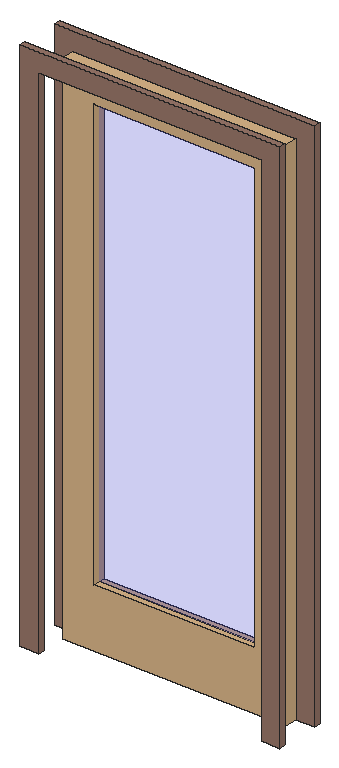
Revit family "0052_M_DR_W_single-fixed-glass 1", category 문, Revit 2026
Family settings
  호스트 = 벽
  항상 수직 = 예
  로드될 때 보이드를 사용하여 절단 = 아니오
  공유 = 아니오
  룸 계산 점 = 아니오
Parameters (values of type "36" x 84"")
  두께 = 0' - 2"
  조합 코드 = "C1020"
  기능 = 내부
  Door Material = Door - Panel
  Frame Material = Door - Frame
  Height = 7' - 0"
  Rail Width - Base = 0' - 9 1/2"
  Rail Width - Top = 0' - 5"
  Stile Width - Hinge = 0' - 5"
  Stile Width - Latch = 0' - 5"
  Trim Projection Ext = 0' - 1"
  Trim Projection Int = 0' - 1"
  Trim Width = 0' - 3"
  벽 마무리 = 호스트별
  Width = 3' - 0"
Types (8): name | 두께 | 조합 코드 | Height | Rail Width - Base | Rail Width - Top | Stile Width - Hinge | Stile Width - Latch | Trim Projection Ext | Trim Projection Int | Trim Width | Width
  36" x 84" | 0' - 2" | "C1020" | 7' - 0" | 0' - 9 1/2" | 0' - 5" | 0' - 5" | 0' - 5" | 0' - 1" | 0' - 1" | 0' - 3" | 3' - 0"
  34" x 84" | 0' - 2" | "C1020" | 7' - 0" | 0' - 9 1/2" | 0' - 5" | 0' - 5" | 0' - 5" | 0' - 1" | 0' - 1" | 0' - 3" | 2' - 10"
  32" x 84" | 0' - 2" | "C1020" | 7' - 0" | 0' - 9 1/2" | 0' - 5" | 0' - 5" | 0' - 5" | 0' - 1" | 0' - 1" | 0' - 3" | 2' - 8"
  30" x 84" | 0' - 2" | "C1020" | 7' - 0" | 0' - 9 1/2" | 0' - 5" | 0' - 5" | 0' - 5" | 0' - 1" | 0' - 1" | 0' - 3" | 2' - 6"
  30" x 80" | 0' - 2" | "C1020" | 6' - 8" | 0' - 9 1/2" | 0' - 5" | 0' - 5" | 0' - 5" | 0' - 1" | 0' - 1" | 0' - 3" | 2' - 6"
  36" x 80" | 0' - 2" | "C1020" | 6' - 8" | 0' - 9 1/2" | 0' - 5" | 0' - 5" | 0' - 5" | 0' - 1" | 0' - 1" | 0' - 3" | 3' - 0"
  34" x 80" | 0' - 2" | "C1020" | 6' - 8" | 0' - 9 1/2" | 0' - 5" | 0' - 5" | 0' - 5" | 0' - 1" | 0' - 1" | 0' - 3" | 2' - 10"
  0915 x 2134mm | 0' - 1.9685" | 0' - 0" | 7' - 0.01575" | 0' - 9.44882" | 0' - 4.92126" | 0' - 4.92126" | 0' - 4.92126" | 0' - 0.98425" | 0' - 0.98425" | 0' - 2.95276" | 3' - 0.02362"
Reference planes (in)
  plane 1: y = 0
  plane 2: z = 0
  plane 3: x = 0
  plane 4: x = -18
  plane 5: x = 18
  plane 6: z = 84
  plane 7: y = 2.125
Forms (in)
  Extrusion 1, solid, material "Door - Panel" <- "Door Material"
    sketch origin (0, 0, 0) x (1, 0, 0) y (0, 0, 1)
      loop
        line (-18, 84) -> (-18, 0) -> (18, 0) -> (18, 84) -> (-18, 84)
      loop
        line (13, 79) -> (-13, 79) -> (-13, 9.5) -> (13, 9.5) -> (13, 79)
    from -3 to -1
  Extrusion 2, solid, material "Glass"
    sketch origin (0, 0, 0) x (1, 0, 0) y (0, 0, 1)
      loop
        line (13, 79) -> (-13, 79) -> (-13, 9.5) -> (13, 9.5) -> (13, 79)
    from -1.875 to -2.125
  Extrusion 3, solid, material "Door - Frame" <- "Frame Material"
    sketch origin (-84.47493, 3, 0) x (-1, 0, 0) y (0, 0, 1)
      loop
        line (-102.47493, 0) -> (-102.47493, 84) -> (-66.47493, 84) -> (-66.47493, 0) -> (-63.47493, 0) -> (-63.47493, 87) -> (-105.47493, 87) -> (-105.47493, 0) -> (-102.47493, 0)
    from 0 to 1
  Extrusion 4, solid, material "Door - Frame" <- "Frame Material"
    sketch origin (-84.47493, -3, 0) x (1, 0, 0) y (0, 0, 1)
      loop
        line (102.47493, 0) -> (105.47493, 0) -> (105.47493, 87) -> (63.47493, 87) -> (63.47493, 0) -> (66.47493, 0) -> (66.47493, 84) -> (102.47493, 84) -> (102.47493, 0)
    from 0 to 1
Lines and regions (in)
  Opening 1
    outline origin (-60, -3, 144) x (0, 0, -1) y (1, 0, 0)
      loop
        line (60, 42) -> (144, 42) -> (144, 78) -> (60, 78) -> (60, 42)
  symbolic lines, style "DoorsGlassProjection"
    curve 1: line (13, 0, 79) -> (13, 0, 9.5)
    curve 2: line (13, 0, 79) -> (-13, 0, 79)
    curve 3: line (-13, 0, 79) -> (-13, 0, 9.5)
    curve 4: line (13, 0, 9.5) -> (-13, 0, 9.5)
    curve 13: line (13, 2, 0) -> (-13, 2, 0)
  symbolic lines, style "DoorsPanelProjection"
    curve 5: line (-18, 3, 0) -> (-13, 3, 0)
    curve 6: line (-18, 1, 0) -> (-18, 3, 0)
    curve 7: line (-13, 1, 0) -> (-18, 1, 0)
    curve 8: line (-13, 3, 0) -> (-13, 1, 0)
    curve 9: line (18, 3, 0) -> (13, 3, 0)
    curve 10: line (18, 1, 0) -> (18, 3, 0)
    curve 11: line (13, 1, 0) -> (18, 1, 0)
    curve 12: line (13, 3, 0) -> (13, 1, 0)
Dimensions and locks (in)
  equal spacing: plane 4, plane 3, plane 5
  "Width": plane 4 to plane 5
  control icon elem to host wall = 1' - 6"
  control icon elem to plane 5 = 1' - 0"
  "Height": plane 6 to plane 2
  "Stile Width - Latch": plane 4 to curve 3
  "Stile Width - Hinge": curve 1 to plane 5
  "Rail Width - Top": plane 6 to curve 2
  "Rail Width - Base": curve 4 to plane 2
  "Trim Width": Extrusion 3 sketch curve to Extrusion 1  (x3)
  "Trim Width": plane 4 to Extrusion 4 sketch curve
  "Trim Width": plane 5 to Extrusion 4 sketch curve
  "Trim Width": plane 6 to Extrusion 4 sketch curve
  "Trim Projection Int": Extrusion 4 to Extrusion 4
  locked: host wall to Extrusion 3
  locked: host wall to Extrusion 1
  "두께": Extrusion 1 to host wall
  "Trim Projection Ext": Extrusion 3 to host wall
  locked: host wall to plane 7 at 0.875
  locked: Extrusion 2 to Extrusion 2 at 0.25
  aligned and locked: curve 2 to Extrusion 1 sketch curve
  aligned and locked: curve 1 to Extrusion 1 sketch curve
  aligned and locked: Extrusion 1 sketch curve to curve 2
  aligned and locked: Extrusion 1 sketch curve to curve 1
  aligned and locked: curve 2 to Extrusion 2 sketch curve
  aligned and locked: curve 1 to Extrusion 2 sketch curve
  aligned and locked: Extrusion 2 sketch curve to curve 2
  aligned and locked: Extrusion 2 sketch curve to curve 1
  aligned and locked: host wall to Extrusion 1  (x3)
  aligned and locked: plane 6 to Extrusion 3 sketch curve
  aligned and locked: Extrusion 3 sketch curve to plane 2
  aligned and locked: plane 2 to Extrusion 3 sketch curve
  aligned and locked: plane 5 to Extrusion 3 sketch curve
  aligned and locked: Extrusion 3 to host wall  (x3)
  aligned and locked: plane 6 to Extrusion 4 sketch curve
  aligned and locked: plane 2 to Extrusion 4 sketch curve  (x2)
  aligned and locked: level to Extrusion 4 sketch curve
  aligned and locked: Extrusion 4 to host wall
  aligned and locked: Extrusion 3 sketch curve to Extrusion 1
  aligned and locked: Extrusion 4 sketch curve to Extrusion 1
  aligned and locked: Extrusion 1 to Extrusion 4 sketch curve
  aligned and locked: Extrusion 2 to plane 7
  aligned and locked: host wall to curve 5
  aligned and locked: curve 5 to Extrusion 1
  aligned and locked: curve 8 to Extrusion 1  (x2)
  aligned and locked: curve 9 to host wall
  aligned and locked: curve 9 to Extrusion 1
  aligned and locked: curve 12 to Extrusion 1  (x2)
Automatic sketch dimensions
  Opening 1 sketch curve to plane 6 = 0' - 0"
  Opening 1 sketch curve to level = 0' - 0"
  Opening 1 sketch curve to plane 4 = 0' - 0"
  Opening 1 sketch curve to plane 5 = 0' - 0"
  Extrusion 1 sketch curve to plane 4 = 0' - 0"
  Extrusion 1 sketch curve to plane 5 = 0' - 0"
  Extrusion 1 sketch curve to level = 0' - 0"
  Extrusion 1 sketch curve to plane 6 = 0' - 0"
  Extrusion 4 sketch curve to plane 5 = 0' - 0"
  plane 7 to curve 13 = 0' - 0 1/8"
